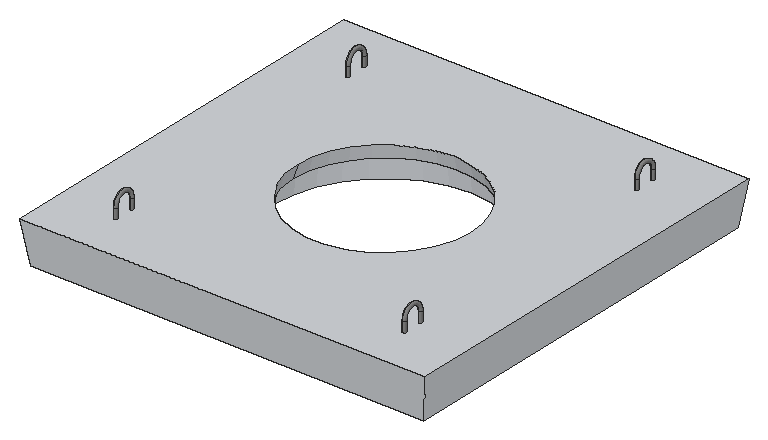
Revit family "110402-00070 Плита ПУРВ 1,4х1,4 универсальная разгрузочная верхняя", category Обобщенные модели, Revit 2019
Family settings
  Может служить основой для арматурных стержней = Нет
  Размер круглого соединителя = Использовать диаметр
  Тип детали = Нормальный
  На основе рабочей плоскости = Нет
  Всегда вертикально = Да
  При загрузке вырезать с полостями = Нет
  Общий = Нет
  Точка расчета площади = Нет
Parameters (values of type "Плита ПУРВ 1,4х1,4 универсальная разгрузочная верхняя")
  ADSK_Ширина [instance] = 1400 mm
  ADSK_Ссылка на сайт = "https://www.ssd.ru/plita-pru-1-4kh1-4-razgruzochnaya-universalnaya-v20-kkp-1"
  ADSK_Сертификат соответствия = "https://www.ssd.ru/upload/iblock/83a/sert_b20_0221.pdf"
  ADSK_Наименование = "Плита ПУРВ 1,4х1,4 универсальная разгрузочная верхняя"
  ADSK_Масса = "570"
  ADSK_Марка = "ПУРВ 1,4х1,4"
  ADSK_Код изделия = "110402-00070"
  ADSK_Изготовитель = "АО СВЯЗЬСТРОЙДЕТАЛЬ"
  ADSK_Длина [instance] = 1400 mm
  ADSK_Высота [instance] = 150 mm
Reference planes
  plane 1 "По центру (Вперед/Назад)": y = 0
  plane 2: z = 0
  plane 3 "По центру (Влево/Вправо)": x = 0
  plane 4: x = -700
  plane 5: x = 700
  plane 6: y = 700
  plane 7: y = -700
  plane 8: z = 150
  plane 9: z = 80
  plane 10: z = 100
Forms (mm)
  Extrusion 1, solid
    sketch origin (0, 0, 0) x (1, 0, 0) y (0, 1, 0)
      loop
        line (-700, 700) -> (-700, -700) -> (700, -700) -> (700, 700) -> (-700, 700)
    from 0 to 150
  Blend 2, void
    base sketch origin (0, 0, 0) x (1, 0, 0) y (0, 1, 0)
      loop
        circle (0, 0) r 380
    top sketch origin (0, 0, 0) x (1, 0, 0) y (0, 1, 0)
      loop
        circle (0, 0) r 370
    from 0 to 80
  Blend 3, void
    base sketch origin (0, 0, 0) x (1, 0, 0) y (0, 1, 0)
      loop
        circle (0, 0) r 370
    top sketch origin (0, 0, 0) x (1, 0, 0) y (0, 1, 0)
      loop
        circle (0, 0) r 315
    from 80 to 100
  Blend 4, void
    base sketch origin (0, 0, 0) x (1, 0, 0) y (0, 1, 0)
      loop
        circle (0, 0) r 315
    top sketch origin (0, 0, 0) x (1, 0, 0) y (0, 1, 0)
      loop
        circle (0, 0) r 300
    from 100 to 150
  Extrusion 5, void
    sketch origin (0, 0, 0) x (1, 0, 0) y (0, 0, 1)
      loop
        line (700, 0) -> (700, 150) -> (680, 0) -> (700, 0)
    from -700 to 700
  Extrusion 6, void
    sketch origin (0, 0, 0) x (-1, 0, 0) y (0, 0, -1)
      loop
        line (700, 0) -> (680, 0) -> (700, -150) -> (700, 0)
    from -700 to 700
  Extrusion 7, void
    sketch origin (0, 0, 0) x (0, 1, 0) y (0, 0, 1)
      loop
        line (700, 0) -> (700, 150) -> (680, 0) -> (700, 0)
    from -700 to 700
  Extrusion 8, void
    sketch origin (0, 0, 0) x (0, -1, 0) y (0, 0, -1)
      loop
        line (700, 0) -> (680, 0) -> (700, -150) -> (700, 0)
    from -700 to 700
  Sweep 9, solid, material "Ж/б", detail levels fine
    path origin (-957.486, 1026.739, 0) x (0.002329, -0.999997, 0) y (0, 0, 1)
      loop
        line (560, 150) -> (560, 185)
        arc (560, 185) -> (525, 220) -> (490, 185) r 35
        line (490, 185) -> (490, 150)
    profile origin (-956.181, 466.74, 167.5) x (-0.002329, 0.999997, 0) y (-0.999997, -0.002329, 0)
      loop
        circle (0, -456.491) r 6
  Sweep 10, solid, material "Ж/б", detail levels fine
    path origin (957.486, 1026.739, 0) x (-0.002329, -0.999997, 0) y (0, 0, -1)
      loop
        line (560, -150) -> (560, -185)
        arc (560, -185) -> (525, -220) -> (490, -185) r 35
        line (490, -185) -> (490, -150)
    profile origin (956.181, 466.74, 167.5) x (-0.002329, -0.999997, 0) y (0.999997, -0.002329, 0)
      loop
        circle (0, -456.491) r 6
  Sweep 11, solid, material "Ж/б", detail levels fine
    path origin (957.486, -1026.739, 0) x (-0.002329, 0.999997, 0) y (0, 0, 1)
      loop
        line (560, 150) -> (560, 185)
        arc (560, 185) -> (525, 220) -> (490, 185) r 35
        line (490, 185) -> (490, 150)
    profile origin (956.181, -466.74, 167.5) x (0.002329, -0.999997, 0) y (0.999997, 0.002329, 0)
      loop
        circle (0, -456.491) r 6
  Sweep 12, solid, material "Ж/б", detail levels fine
    path origin (-957.486, -1026.739, 0) x (0.002329, 0.999997, 0) y (0, 0, -1)
      loop
        line (560, -150) -> (560, -185)
        arc (560, -185) -> (525, -220) -> (490, -185) r 35
        line (490, -185) -> (490, -150)
    profile origin (-956.181, -466.74, 167.5) x (0.002329, 0.999997, 0) y (-0.999997, 0.002329, 0)
      loop
        circle (0, -456.491) r 6
Cuts and joins
  Blend 2, Blend 3, Blend 4, Extrusion 5, Extrusion 6, Extrusion 7, Extrusion 8 cuts Extrusion 1
Dimensions and locks
  "ADSK_Ширина": plane 4 to plane 5
  equal spacing: plane 4, plane 3 "По центру (Влево/Вправо)", plane 5
  "ADSK_Длина": plane 6 to plane 7
  equal spacing: plane 6, plane 1 "По центру (Вперед/Назад)", plane 7
  "ADSK_Высота": plane 2 to plane 8
  aligned and locked: level to plane 2
  aligned and locked: Extrusion 1 sketch curve to plane 6
  aligned and locked: plane 4 to Extrusion 1 sketch curve
  aligned and locked: plane 7 to Extrusion 1 sketch curve
  aligned and locked: Extrusion 1 sketch curve to plane 5
  aligned and locked: plane 8 to Extrusion 1
  aligned and locked: Extrusion 1 to Blend 4
  aligned and locked: Extrusion 1 to Extrusion 7
  aligned and locked: Extrusion 1 to level
Automatic sketch dimensions
  plane 1 "По центру (Вперед/Назад)" to Blend 2 sketch curve = 0 mm  (x2)
  Blend 2 sketch curve to plane 3 "По центру (Влево/Вправо)" = 0 mm  (x2)
  plane 1 "По центру (Вперед/Назад)" to Blend 3 sketch curve = 0 mm  (x2)
  Blend 3 sketch curve to plane 3 "По центру (Влево/Вправо)" = 0 mm  (x2)
  plane 1 "По центру (Вперед/Назад)" to Blend 4 sketch curve = 0 mm  (x2)
  Blend 4 sketch curve to plane 3 "По центру (Влево/Вправо)" = 0 mm  (x2)
  Extrusion 5 sketch curve to level = 0 mm
  Extrusion 5 sketch curve to plane 5 = 0 mm
  Extrusion 5 sketch curve to plane 8 = 0 mm
  Extrusion 5 sketch curve to Extrusion 5 sketch curve = 20 mm
  Extrusion 6 sketch curve to level = 0 mm
  Extrusion 6 sketch curve to plane 4 = 0 mm
  Extrusion 6 sketch curve to plane 8 = 0 mm
  Extrusion 6 sketch curve to Extrusion 6 sketch curve = 20 mm
  Extrusion 7 sketch curve to level = 0 mm
  Extrusion 7 sketch curve to plane 6 = 0 mm
  Extrusion 7 sketch curve to plane 8 = 0 mm
  Extrusion 7 sketch curve to plane 6 = 20 mm
  Extrusion 8 sketch curve to level = 0 mm
  Extrusion 8 sketch curve to plane 7 = 0 mm
  Extrusion 8 sketch curve to plane 8 = 0 mm
  Extrusion 8 sketch curve to plane 7 = 20 mm
  Sweep 9 sketch curve to plane 8 = 0 mm  (x2)
  plane 8 to Sweep 9 sketch curve = 35 mm
  Sweep 9 sketch curve to Sweep 9 sketch curve = 35 mm
  profile plane to Sweep 9 sketch curve = 0 mm
  Sweep 9 sketch curve to profile plane = 456.491 mm
  Sweep 10 sketch curve to plane 8 = 0 mm  (x2)
  plane 8 to Sweep 10 sketch curve = 35 mm
  Sweep 10 sketch curve to Sweep 10 sketch curve = 35 mm
  Sweep 10 sketch curve to profile plane = 0 mm
  Sweep 10 sketch curve to profile plane = 456.491 mm
  plane 8 to Sweep 11 sketch curve = 0 mm  (x2)
  plane 8 to Sweep 11 sketch curve = 35 mm
  Sweep 11 sketch curve to Sweep 11 sketch curve = 35 mm
  Sweep 11 sketch curve to profile plane = 0 mm
  Sweep 11 sketch curve to profile plane = 456.491 mm
  plane 8 to Sweep 12 sketch curve = 0 mm  (x2)
  plane 8 to Sweep 12 sketch curve = 35 mm
  Sweep 12 sketch curve to Sweep 12 sketch curve = 35 mm
  profile plane to Sweep 12 sketch curve = 0 mm
  Sweep 12 sketch curve to profile plane = 456.491 mm
  radius of Blend 2 sketch curve = 380 mm
  radius of Blend 2 sketch curve = 370 mm
  radius of Blend 3 sketch curve = 370 mm
  radius of Blend 3 sketch curve = 315 mm
  radius of Blend 4 sketch curve = 315 mm
  radius of Blend 4 sketch curve = 300 mm
  radius of Sweep 9 sketch curve = 6 mm
  radius of Sweep 10 sketch curve = 6 mm
  radius of Sweep 11 sketch curve = 6 mm
  radius of Sweep 12 sketch curve = 6 mm
